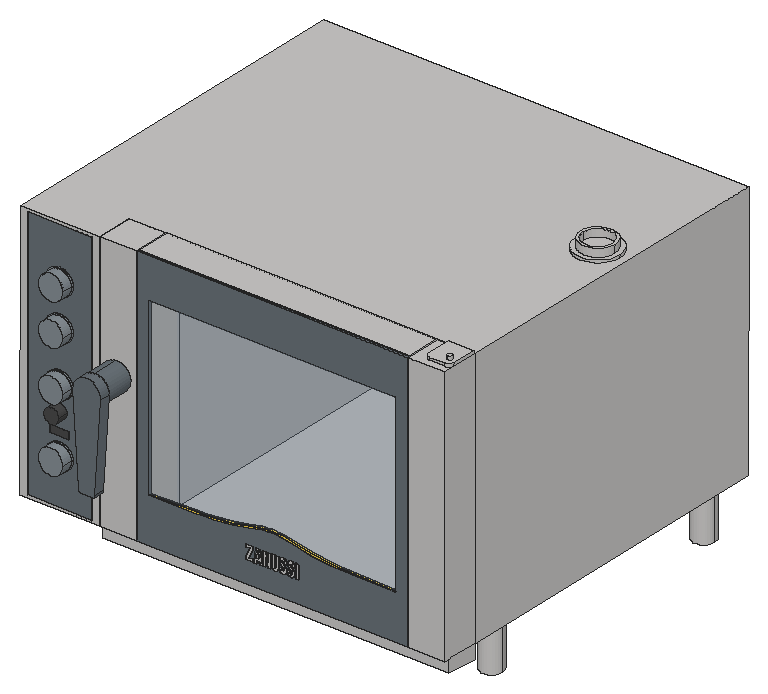
Revit family "QF_ZANUSSI_240450_ZFCE61SSDS", category Specialty Equipment, Revit 2023
Family settings
  Round Connector Dimension = Use Diameter
  Part Type = Normal
  Work Plane-Based = No
  Enable Cutting in Views = No
  Always vertical = Yes
  Cut with Voids When Loaded = No
  Maintain Annotation Orientation = No
  Shared = No
  Room Calculation Point = No
Parameters (values of type "Standard")
  Weight = 79.50 kg
  Watts = 0 W
  Volts = 380 V
  URL Manufacturer = "http://www.zanussiprofessional.com"
  URL = "http://www.zanussiprofessional.com"
  Steam Supply Size = 0 mm
  Steam Supply Minimum Pressure = 0.0 Pa
  Steam Supply Maximum Pressure = 0.0 Pa
  Steam Consumption per Hour = 0
  Show Logo [instance] = yes
  Show Clearance [instance] = yes
  Refrigeration Suction Line Size = 0 mm
  Refrigeration Liquid Line Size = 0 mm
  Refrigerant Compressor Remote = yes
  Default Elevation = 0 mm
  Manufacturer = "Zanussi"
  Phase = 3
  Model = "ZFCE61SSDS"
  Length Actual = 860 mm
  Item Number = "240450"
  Hot Water Size = 0 mm
  Height Actual = 633 mm
  HP = "10.3 HP"
  Gas Size = 12.7 mm
  Gas KW = 0
  Gas Input Pressure = 0.0585289 W
  Direct Waste Size = 25 mm
  Description = "CONVECTION OVEN CW 6 GN 1/1 - ELECTRIC - SMART STEAM"
  Depth Actual = 767 mm
  Cycle = 50 Hz
  Condensate Return Size = 0 mm
  Compressed Air Volume = 0.0 L/s
  Compressed Air Size = 0 mm
  Compressed Air Pressure = 0.0 Pa
  Cold Water Size = 19.05 mm
  Accessory = no
Reference planes
  plane 1 "Center X": y = 96.351
  plane 2: z = 0
  plane 3 "Center Y": x = -330
  plane 4 "LEFT": x = -760
  plane 5 "BACK": y = 479.851
  plane 6 "RIGHT": x = 100
  plane 7 "FRONT": y = -287.149
  plane 8: x = -710
  plane 9 "FeetBack": y = 429.851
  plane 10 "DoorDepth": y = -212.149
  plane 11: x = 80
  plane 12 "BASE": z = 108
  plane 13 "TOP": z = 633
  plane 14: z = 0
  plane 15 "1": y = 173.851
  plane 16 "FeetFront": y = -107.149
  plane 17: z = 653.369
  plane 18: y = -362.149
  plane 19 "Drain_X": x = -323
  plane 20 "Drain_Y": y = 61.851
  plane 21 "EI_x": x = -663
  plane 22 "EI_y": y = 13.851
  plane 23 "CWI_y": y = 304.851
  plane 24 "CWI_x": x = -689
  plane 25: y = -935.149
  plane 26: x = 40
Forms (mm)
  Extrusion 1, solid, material "QF_Finishes_Stainless Steel"
    sketch origin (0, 2, 108) x (-1, 0, 0) y (0, -1, 0)
      loop
        circle (689, -302.851) r 13.25
    from -5 to 0
  Extrusion 2, solid, material "QF_Finishes_Stainless Steel"
    sketch origin (0, 57.5, 108) x (-1, 0, 0) y (0, -1, 0)
      loop
        circle (663, 43.649) r 13.25
    from -5 to 0
  Extrusion 3, solid, material "QF_Finishes_Stainless Steel"
    sketch origin (89, -125, 108) x (-1, 0, 0) y (0, -1, 0)
      loop
        circle (412, -186.851) r 13.25
    from -5 to 0
  Extrusion 4, solid, material "QF_Finishes_Black"
    sketch origin (0, -287.149, 127) x (-1, 0, 0) y (0, 0, 1)
      loop
        circle (680.941, 161.023) r 15
    from 0 to -20
  Extrusion 5, solid, material "QF_Finishes_Stainless Steel"
    sketch origin (15, -153.5, 108) x (-1, 0, 0) y (0, -1, 0)
      loop
        circle (694, -119.351) r 13.25
    from -5 to 0
  Extrusion 6, solid, material "QF_Finishes_Zanussi_Soft Gray"
    sketch origin (0, -287.149, -6) x (-1, 0, 0) y (0, 0, 1)
      loop
        circle (680, 528.824) r 26.676
    from 0 to -3
  Blend 7, solid, material "QF_Finishes_Zanussi_Soft Gray"
    base sketch origin (0, -287.149, -6) x (-1, 0, 0) y (0, 0, 1)
      loop
        circle (680, 528.824) r 25
    top sketch origin (0, -287.149, -6) x (-1, 0, 0) y (0, 0, 1)
      loop
        circle (680, 528.824) r 24.8
    from -3 to -23
  Extrusion 8, solid, material "QF_Finishes_Zanussi_Soft Gray"
    sketch origin (0, -287.149, -5) x (-1, 0, 0) y (0, 0, 1)
      loop
        circle (680, 443.824) r 26.676
    from 0 to -3
  Blend 9, solid, material "QF_Finishes_Zanussi_Soft Gray"
    base sketch origin (0, -287.149, -5) x (-1, 0, 0) y (0, 0, 1)
      loop
        circle (680, 443.824) r 25
    top sketch origin (0, -287.149, -5) x (-1, 0, 0) y (0, 0, 1)
      loop
        circle (680, 443.824) r 24.8
    from -3 to -23
  Extrusion 10, solid, material "QF_Finishes_Zanussi_Soft Gray"
    sketch origin (0, -287.149, -22) x (-1, 0, 0) y (0, 0, 1)
      loop
        circle (680, 358.824) r 26.676
    from 0 to -3
  Blend 11, solid, material "QF_Finishes_Zanussi_Soft Gray"
    base sketch origin (0, -287.149, -22) x (-1, 0, 0) y (0, 0, 1)
      loop
        circle (680, 358.824) r 25
    top sketch origin (0, -287.149, -22) x (-1, 0, 0) y (0, 0, 1)
      loop
        circle (680, 358.824) r 24.8
    from -3 to -23
  Extrusion 12, solid, material "QF_Finishes_Stainless Steel"
    sketch origin (0, 0, 108) x (-1, 0, 0) y (0, -1, 0)
      loop
        line (760, -479.851) -> (760, 287.149) -> (600, 287.149) -> (600, 212.149) -> (-100, 212.149) -> (-100, -479.851) -> (760, -479.851)
    from 525 to 0
  Extrusion 13, solid, material "QF_Finishes_Zanussi_Dark Gray"
    sketch origin (0, -287.149, 0) x (-1, 0, 0) y (0, 0, 1)
      loop
        line (745, 628) -> (615, 628) -> (615, 113) -> (745, 113) -> (745, 628)
      loop
        line (660.941, 258.023) -> (660.941, 243.023) -> (700.941, 243.023) -> (700.941, 258.023) -> (660.941, 258.023)
    from 0 to 5
  Extrusion 14, void
    sketch origin (0, -287.149, 0) x (-1, 0, 0) y (0, 0, 1)
      loop
        line (745, 628) -> (615, 628) -> (615, 113) -> (745, 113) -> (745, 628)
    from 0 to 5
  Extrusion 15, void
    sketch origin (0, -287.149, 0) x (-1, 0, 0) y (0, 0, 1)
      loop
        line (-71.369, 123) -> (525, 123) -> (525, 613) -> (-71.369, 613) -> (-71.369, 123)
    from 737 to 75
  Extrusion 16, solid, material "QF_Finishes_Black"
    sketch origin (0, -287.149, 0) x (-1, 0, 0) y (0, 0, 1)
      loop
        line (700.941, 258.023) -> (660.941, 258.023) -> (660.941, 243.023) -> (700.941, 243.023) -> (700.941, 258.023)
    from 5 to 0
  Extrusion 17, solid, material "QF_Clearances", detail levels coarse
    sketch origin (0, 0, 0) x (1, 0, 0) y (0, 1, 0)
      loop
        line (-810, -287.149) -> (-760, -287.149) -> (-760, 479.851) -> (100, 479.851) -> (100, -287.149) -> (150, -287.149) -> (150, 529.851) -> (-810, 529.851) -> (-810, -287.149)
    from 633 to 0
  Extrusion 18, solid, material "QF_Finishes_Stainless Steel"
    sketch origin (0, 0, 633) x (-1, 0, 0) y (0, -1, 0)
      loop
        circle (-40, -173.851) r 45
    from 5 to 0
  Extrusion 19, solid, material "QF_Finishes_Stainless Steel"
    sketch origin (0, 0, 633) x (-1, 0, 0) y (0, -1, 0)
      loop
        circle (-40, -173.851) r 35
      loop
        circle (-40, -173.851) r 30
    from 5 to 20.369
  Extrusion 20, solid, material "QF_Finishes_Zanussi_Soft Gray"
    sketch origin (0, -287.149, -152) x (-1, 0, 0) y (0, 0, 1)
      loop
        circle (680, 358.824) r 26.676
    from 0 to -3
  Blend 21, solid, material "QF_Finishes_Zanussi_Soft Gray"
    base sketch origin (0, -287.149, -152) x (-1, 0, 0) y (0, 0, 1)
      loop
        circle (680, 358.824) r 25
    top sketch origin (0, -287.149, -152) x (-1, 0, 0) y (0, 0, 1)
      loop
        circle (680, 358.824) r 24.8
    from -3 to -23
Cuts and joins
  Extrusion 14, Extrusion 15 cuts Extrusion 12
Lines and regions (mm)
  symbolic lines
    curve 1: line (-760, -287.149, 1620) -> (-760, 479.851, 1620)
    curve 2: line (-760, 479.851, 1620) -> (100, 479.851, 1620)
    curve 3: line (-600, -212.149, 1620) -> (100, -212.149, 1620)
    curve 4: line (-600, -212.149, 1620) -> (-600, -287.149, 1620)
    curve 5: line (-760, -287.149, 1620) -> (-600, -287.149, 1620)
    curve 6: line (-706.676, -290.149, 1620) -> (-653.324, -290.149, 1620)
    curve 7: line (-706.676, -290.149, 1620) -> (-706.676, -287.149, 1620)
    curve 8: line (-653.324, -290.149, 1620) -> (-653.324, -287.149, 1620)
    curve 9: line (100, 479.851, 1620) -> (100, -287.149, 1620)
    curve 10: line (-704.8, -310.149, 684) -> (-655.2, -310.149, 684)
    curve 11: line (-704.8, -310.149, 684) -> (-705, -290.149, 684)
    curve 12: line (-655.2, -310.149, 684) -> (-655, -290.149, 684)
    curve 18: circle (40, 173.851, 633) r 45 normal (0, 0, 1)
    curve 19: circle (40, 173.851, 633) r 35 normal (0, 0, 1)
    curve 20: circle (40, 173.851, 633) r 30 normal (0, 0, -1)
  symbolic lines, style "QF_Clearances", detail levels coarse
    curve 13: line (-810, -287.149, 0) -> (-810, 529.851, 0)
    curve 14: line (-810, 529.851, 0) -> (150, 529.851, 0)
    curve 15: line (150, 529.851, 0) -> (150, -287.149, 0)
    curve 16: line (150, -287.149, 0) -> (100, -287.149, 0)
    curve 17: line (-810, -287.149, 0) -> (-753.438, -287.149, 0)
Dimensions and locks
  equal spacing: plane 4 "LEFT", plane 3 "Center Y", plane 6 "RIGHT"
  "Length Actual": plane 4 "LEFT" to plane 6 "RIGHT"
  "Depth Actual": plane 5 "BACK" to plane 7 "FRONT"
  equal spacing: plane 5 "BACK", plane 1 "Center X", plane 7 "FRONT"
  plane 12 "BASE" to plane 14 = 108 mm
  plane 13 "TOP" to plane 12 "BASE" = 525 mm
  plane 13 "TOP" to plane 14 = 633 mm
  plane 5 "BACK" to plane 9 "FeetBack" = 50 mm
  plane 9 "FeetBack" to plane 16 "FeetFront" = 537 mm
  locked: plane 16 "FeetFront" to plane 7 "FRONT" at 180
  plane 17 to plane 13 "TOP" to plane 12 "BASE" to level = 20.369 mm, 525 mm, 108 mm
  plane 17 to level = 653.369 mm  (x2)
  plane 7 "FRONT" to plane 18 = 75 mm
  plane 5 "BACK" to plane 20 "Drain_Y" = 418 mm
  plane 4 "LEFT" to plane 19 "Drain_X" = 437 mm
  plane 4 "LEFT" to plane 21 "EI_x" = 97 mm
  plane 5 "BACK" to plane 22 "EI_y" = 466 mm
  plane 5 "BACK" to plane 23 "CWI_y" = 175 mm
  plane 4 "LEFT" to plane 24 "CWI_x" = 71 mm
  plane 5 "BACK" to plane 15 "1" = 306 mm
  plane 5 "BACK" to plane 25 = 1415 mm
  locked: plane 10 "DoorDepth" to plane 7 "FRONT" at 75
  plane 26 to plane 6 "RIGHT" = 60 mm
  aligned and locked: level to plane 2
  aligned and locked: plane 12 "BASE" to nested 1
  aligned and locked: plane 12 "BASE" to nested 2
  aligned and locked: plane 12 "BASE" to nested 4
  aligned and locked: plane 12 "BASE" to nested 3
  aligned and locked: plane 23 "CWI_y" to Extrusion 1
Automatic sketch dimensions
  curve 17 to plane 7 "FRONT" = 0 mm
  curve 16 to plane 6 "RIGHT" = 0 mm
  curve 16 to plane 7 "FRONT" = 0 mm
  curve 13 to plane 4 "LEFT" = 50 mm
  plane 6 "RIGHT" to curve 16 = 50 mm
  plane 5 "BACK" to curve 14 = 50 mm
  plane 4 "LEFT" to curve 17 = 6.562 mm
  curve 9 to plane 5 "BACK" = 0 mm
  curve 9 to plane 6 "RIGHT" = 0 mm
  curve 3 to plane 10 "DoorDepth" = 0 mm
  curve 5 to plane 7 "FRONT" = 0 mm
  curve 5 to plane 4 "LEFT" = 0 mm
  curve 9 to plane 7 "FRONT" = 0 mm
  plane 21 "EI_x" to curve 3 = 63 mm
  curve 6 to plane 7 "FRONT" = 3 mm
  plane 21 "EI_x" to curve 6 = 9.676 mm
  plane 8 to curve 7 = 3.324 mm
  Extrusion 1 sketch curve to plane 23 "CWI_y" = 0 mm
  Extrusion 1 sketch curve to plane 24 "CWI_x" = 0 mm
  Extrusion 2 sketch curve to plane 21 "EI_x" = 0 mm
  Extrusion 2 sketch curve to plane 22 "EI_y" = 0 mm
  Extrusion 3 sketch curve to plane 19 "Drain_X" = 0 mm
  Extrusion 3 sketch curve to plane 20 "Drain_Y" = 0 mm
  plane 24 "CWI_x" to Extrusion 4 sketch curve = 8.059 mm
  plane 12 "BASE" to Extrusion 4 sketch curve = 180.023 mm
  plane 24 "CWI_x" to Extrusion 5 sketch curve = 10 mm
  Extrusion 5 sketch curve to plane 22 "EI_y" = 48 mm
  plane 21 "EI_x" to curve 10 = 7.8 mm
  plane 8 to curve 11 = 5.2 mm
  curve 11 to plane 7 "FRONT" = 23 mm
  curve 12 to plane 7 "FRONT" = 3 mm
  plane 21 "EI_x" to curve 12 = 8 mm
  plane 8 to curve 11 = 5 mm
  curve 11 to plane 7 "FRONT" = 3 mm
  plane 24 "CWI_x" to Extrusion 6 sketch curve = 9 mm
  Extrusion 6 sketch curve to plane 13 "TOP" = 110.176 mm
  plane 24 "CWI_x" to Blend 7 sketch curve = 9 mm  (x2)
  Blend 7 sketch curve to plane 13 "TOP" = 110.176 mm  (x2)
  plane 24 "CWI_x" to Extrusion 8 sketch curve = 9 mm
  Extrusion 8 sketch curve to plane 13 "TOP" = 194.176 mm
  plane 24 "CWI_x" to Blend 9 sketch curve = 9 mm  (x2)
  Blend 9 sketch curve to plane 13 "TOP" = 194.176 mm  (x2)
  plane 24 "CWI_x" to Extrusion 10 sketch curve = 9 mm
  plane 12 "BASE" to Extrusion 10 sketch curve = 228.824 mm
  plane 24 "CWI_x" to Blend 11 sketch curve = 9 mm  (x2)
  plane 12 "BASE" to Blend 11 sketch curve = 228.824 mm  (x2)
  Extrusion 12 sketch curve to plane 5 "BACK" = 0 mm
  Extrusion 12 sketch curve to plane 6 "RIGHT" = 0 mm
  Extrusion 12 sketch curve to plane 10 "DoorDepth" = 0 mm
  Extrusion 12 sketch curve to plane 7 "FRONT" = 0 mm
  Extrusion 12 sketch curve to plane 4 "LEFT" = 0 mm
  plane 21 "EI_x" to Extrusion 12 sketch curve = 63 mm
  Extrusion 13 sketch curve to plane 13 "TOP" = 5 mm
  plane 21 "EI_x" to Extrusion 13 sketch curve = 48 mm
  plane 21 "EI_x" to Extrusion 13 sketch curve = 2.059 mm
  plane 8 to Extrusion 13 sketch curve = 9.059 mm
  plane 4 "LEFT" to Extrusion 13 sketch curve = 15 mm
  plane 12 "BASE" to Extrusion 13 sketch curve = 150.023 mm
  Extrusion 13 sketch curve to Extrusion 13 sketch curve = 15 mm
  plane 12 "BASE" to Extrusion 13 sketch curve = 5 mm
  Extrusion 14 sketch curve to plane 13 "TOP" = 5 mm
  plane 21 "EI_x" to Extrusion 14 sketch curve = 48 mm
  plane 12 "BASE" to Extrusion 14 sketch curve = 5 mm
  plane 4 "LEFT" to Extrusion 14 sketch curve = 15 mm
  Extrusion 15 sketch curve to plane 11 = 8.631 mm
  Extrusion 15 sketch curve to plane 13 "TOP" = 20 mm
  plane 21 "EI_x" to Extrusion 15 sketch curve = 138 mm
  plane 12 "BASE" to Extrusion 15 sketch curve = 15 mm
  plane 21 "EI_x" to Extrusion 16 sketch curve = 2.059 mm
  plane 8 to Extrusion 16 sketch curve = 9.059 mm
  plane 12 "BASE" to Extrusion 16 sketch curve = 135.023 mm
  Extrusion 16 sketch curve to Extrusion 16 sketch curve = 15 mm
  Extrusion 17 sketch curve to plane 7 "FRONT" = 0 mm  (x2)
  Extrusion 17 sketch curve to plane 4 "LEFT" = 0 mm
  Extrusion 17 sketch curve to plane 5 "BACK" = 0 mm
  Extrusion 17 sketch curve to plane 6 "RIGHT" = 0 mm
  Extrusion 17 sketch curve to Extrusion 17 sketch curve = 50 mm
  plane 6 "RIGHT" to Extrusion 17 sketch curve = 50 mm
  plane 5 "BACK" to Extrusion 17 sketch curve = 50 mm
  Extrusion 18 sketch curve to plane 15 "1" = 0 mm
  Extrusion 18 sketch curve to plane 26 = 0 mm
  Extrusion 19 sketch curve to Extrusion 19 sketch curve = 0 mm  (x2)
  Extrusion 19 sketch curve to plane 15 "1" = 0 mm
  Extrusion 19 sketch curve to plane 26 = 0 mm
  plane 24 "CWI_x" to Extrusion 20 sketch curve = 9 mm
  plane 12 "BASE" to Extrusion 20 sketch curve = 98.824 mm
  plane 24 "CWI_x" to Blend 21 sketch curve = 9 mm  (x2)
  plane 12 "BASE" to Blend 21 sketch curve = 98.824 mm  (x2)
  radius of Extrusion 1 sketch curve = 13.25 mm
  radius of Extrusion 2 sketch curve = 13.25 mm
  radius of Extrusion 3 sketch curve = 13.25 mm
  radius of Extrusion 4 sketch curve = 15 mm
  radius of Extrusion 5 sketch curve = 13.25 mm
  radius of Extrusion 6 sketch curve = 26.676 mm
  radius of Blend 7 sketch curve = 25 mm
  radius of Blend 7 sketch curve = 24.8 mm
  radius of Extrusion 8 sketch curve = 26.676 mm
  radius of Blend 9 sketch curve = 25 mm
  radius of Blend 9 sketch curve = 24.8 mm
  radius of Extrusion 10 sketch curve = 26.676 mm
  radius of Blend 11 sketch curve = 25 mm
  radius of Blend 11 sketch curve = 24.8 mm
  radius of Extrusion 18 sketch curve = 45 mm
  radius of Extrusion 19 sketch curve = 35 mm
  radius of Extrusion 19 sketch curve = 30 mm
  radius of Extrusion 20 sketch curve = 26.676 mm
  radius of Blend 21 sketch curve = 25 mm
  radius of Blend 21 sketch curve = 24.8 mm
Nested families
  nested 1: "Foot" at (-710, -107.149, 0), type "Foot"
    with Ø 22 mm, H 108 mm
  nested 2: "Foot" at (50, -107.149, 0), type "Foot"
    with Ø 22 mm, H 108 mm
  nested 3: "Foot" at (50, 429.851, 0), type "Foot"
    with Ø 22 mm, H 108 mm
  nested 4: "Foot" at (-710, 429.851, 0), type "Foot"
    with Ø 22 mm, H 108 mm
  nested 5: "ZAN_DOOR_CROSSWISE_H525" at (100, -215.149, 0), type "ZAN_DOOR_CROSSWISE_H525"
    with Show Clearance yes
Connectors
  piping at (-323, 61.851, 103), diameter 25, driven by "Direct Waste Size"
    settings: on Extrusion 3, index 6, connector inside diameter 609.6 mm, connector length 0 mm, flow factor 0, pipe flow 0.0 L/s, pressure drop 0.0 Pa, fitting loss kfactor 0, connector angle 0.00°, fixture units 0, engagement length 0 mm, angle of deflection 0.00°, flow configuration 0, flow direction 2, fitting loss method 0, system type 16, joint type 0, gender type 0, connector reference index -1, connector utility 0, adjustable connector no, is connector primary yes, connector description "Drain"
  electrical at (-663, 13.851, 103)
    settings: on Extrusion 2, index 7, voltage 0 V, apparent load 0 VA, apparent load phase1 0 VA, apparent load phase2 0 VA, apparent load phase3 0 VA, power factor 1, load classification "Altro", number of poles 1, system type 30, power factor state 1, is connector primary yes, connector utility no, sub classification motor no, connector description "Electrical Connection"
  piping at (-689, 304.851, 103), diameter 19.05, driven by "Cold Water Size"
    settings: on Extrusion 1, index 8, connector inside diameter 609.6 mm, connector length 0 mm, flow factor 0, pipe flow 0.0 L/s, pressure drop 0.0 Pa, fitting loss kfactor 0, connector angle 0.00°, fixture units 0, engagement length 0 mm, angle of deflection 0.00°, flow configuration 0, flow direction 2, fitting loss method 0, system type 20, joint type 0, gender type 0, connector reference index -1, connector utility 0, adjustable connector no, is connector primary no, connector description "Cold Water Inlet"
Definition of nested family "Foot"
  Parameters
    Ø [instance] = 20 mm
    Default Elevation = 0 mm
    H [instance] = 50 mm
  Reference planes
    plane 1 "Centro (Fronte/Retro)": y = 0
    plane 2: z = 0
    plane 3 "Centro (Sinistra/Destra)": x = 0
    plane 4: z = 50
  Forms (mm)
    Revolve 1, solid
      sketch origin (255.05, 0, 608.09) x (0, 0, 1) y (-1, 0, 0)
        loop
          line (-608.09, 255.05) -> (-608.09, 235.05) -> (-558.09, 235.05) -> (-558.09, 255.05) -> (-608.09, 255.05)
        axis (-608.09, 255.05) -> (-558.09, 255.05)
      angle from 0 to 360
  Dimensions and locks
    "H": plane 4 to plane 2
    "Ø": Revolve 1 sketch curve to Revolve 1 sketch curve
    aligned and locked: level to plane 2
    aligned and locked: plane 4 to Revolve 1 sketch curve
    aligned and locked: Revolve 1 sketch curve to level
    aligned and locked: plane 3 "Centro (Sinistra/Destra)" to Revolve 1 sketch curve
  Automatic sketch dimensions
    Revolve 1 sketch curve to plane 3 "Centro (Sinistra/Destra)" = 0 mm
    Revolve 1 sketch curve to Revolve 1 sketch curve = 50 mm
    Revolve 1 sketch curve to Revolve 1 sketch curve = 20 mm
Definition of nested family "ZAN_DOOR_CROSSWISE_H525"
  Parameters (values of type "ZAN_DOOR_CROSSWISE_H525")
    sp_Lama = 5 mm
    Z_Maniglia = 285 mm
    W_Door = 700 mm
    Show Clearance [instance] = yes
    Default Elevation = 0 mm
    H_Feet = 108 mm
    H_FasciaTop = 75 mm
    H_Door = 525 mm
    W_fasce = 75 mm
    Direct Waste Size = 25 mm
  Reference planes
    plane 1 "Center (Front/Back)": y = 3
    plane 2: z = 0
    plane 3 "Center (Left/Right)": x = 0
    plane 4 "Top": z = 633
    plane 5 "Feet": z = 108
    plane 6 "Front": y = -72
    plane 7: z = 628
    plane 8: z = 553
    plane 9: x = -600
    plane 10: x = -75
    plane 11: x = -700
    plane 12: x = -625
    plane 13: x = -100
    plane 14: x = -624
    plane 15: x = -76
    plane 16: z = 132
    plane 17: z = 393
    plane 18: x = -665
  Forms (mm)
    Extrusion 1, solid
      sketch origin (0, -72, 0) x (0, 0, -1) y (-1, 0, 0)
        loop
          line (-633, 700) -> (-633, 625) -> (-108, 625) -> (-108, 700) -> (-633, 700)
        loop
          line (-633, 0) -> (-108, 0) -> (-108, 75) -> (-633, 75) -> (-633, 0)
      from 0 to 75
    Extrusion 2, solid
      sketch origin (0, -72, 0) x (0, 0, -1) y (-1, 0, 0)
        loop
          line (-199.529, 600) -> (-553, 600) -> (-553, 100) -> (-199.529, 100) -> (-199.529, 176.502) -> (-199.716, 190.941) -> (-200.068, 211.042)
          arc (-200.068, 211.042) -> (-200.373, 221.113) -> (-200.944, 231.172) r 381.251
          arc (-200.944, 231.172) -> (-202.69, 251.25) -> (-205.394, 271.221) r 421.149
          arc (-205.394, 271.221) -> (-208.274, 287.092) -> (-211.548, 302.885) r 647.683
          arc (-211.548, 302.885) -> (-214.401, 316.603) -> (-216.93, 330.384) r 593.178
          arc (-216.93, 330.384) -> (-217.581, 335.587) -> (-218.06, 340.808) r 159.42
          arc (-218.06, 340.808) -> (-218.307, 345.507) -> (-218.401, 350.211) r 143.741
          arc (-218.401, 350.211) -> (-218.306, 354.916) -> (-218.057, 359.615) r 143.741
          arc (-218.057, 359.615) -> (-217.576, 364.836) -> (-216.923, 370.039) r 159.42
          arc (-216.923, 370.039) -> (-214.399, 383.796) -> (-211.55, 397.489) r 593.18
          arc (-211.55, 397.489) -> (-208.278, 413.271) -> (-205.4, 429.129) r 647.681
          arc (-205.4, 429.129) -> (-202.709, 448.969) -> (-200.965, 468.913) r 421.147
          arc (-200.965, 468.913) -> (-200.379, 479.117) -> (-200.068, 489.332) r 381.251
          line (-200.068, 489.332) -> (-199.716, 509.433) -> (-199.529, 523.872) -> (-199.529, 600)
        loop
          line (-108, 76) -> (-108, 624) -> (-633, 624) -> (-633, 76) -> (-108, 76)
      from 0 to 5
    Extrusion 3, void
      sketch origin (-100, -72, 0) x (-1, 0, 0) y (0, 0, 1)
        loop
          line (288.603, 151.973) -> (303.509, 151.973) -> (303.509, 157.706) -> (295.318, 174.905) -> (302.853, 174.741) -> (302.853, 179.982) -> (288.603, 179.982) -> (288.603, 175.232) -> (297.201, 157.706) -> (288.603, 157.706) -> (288.603, 151.973)
        loop
          line (280.375, 162.456) -> (278.737, 175.195) -> (277.1, 162.456) -> (280.375, 162.456)
        loop
          line (281.849, 151.973) -> (287.746, 151.973) -> (282.669, 179.982) -> (274.806, 179.982) -> (269.565, 151.973) -> (275.461, 151.973) -> (276.281, 157.378) -> (281.031, 157.378) -> (281.849, 151.973)
        loop
          line (268.839, 179.982) -> (262.778, 179.982) -> (258.028, 162.128) -> (258.028, 179.982) -> (252.786, 179.982) -> (252.786, 151.973) -> (259.011, 151.973) -> (263.761, 170.482) -> (263.761, 151.973) -> (268.839, 151.973) -> (268.839, 179.982)
        loop
          line (251.476, 158.9) -> (251.476, 179.982) -> (245.743, 179.982) -> (245.743, 158.689)
          arc (245.743, 158.689) -> (243.81, 157.443) -> (242.303, 159.18) r 1.755
          line (242.303, 159.18) -> (242.303, 179.982) -> (236.57, 179.982) -> (236.57, 157.87)
          arc (236.57, 157.87) -> (244.469, 151.928) -> (251.476, 158.9) r 7.548
        loop
          line (225.923, 171.137) -> (225.923, 174.183)
          arc (225.923, 174.183) -> (228.232, 175.801) -> (229.849, 173.492) r 1.993
          arc (229.849, 173.492) -> (229.394, 172.205) -> (228.544, 171.137) r 4.132
          line (228.544, 171.137) -> (222.261, 165.482)
          arc (222.261, 165.482) -> (220.244, 161.234) -> (220.358, 156.532) r 10.152
          arc (220.358, 156.532) -> (226.648, 151.979) -> (234.116, 154.106) r 8.889
          arc (234.116, 154.106) -> (235.696, 157.791) -> (235.751, 161.801) r 10.311
          line (235.751, 161.801) -> (230.033, 161.801)
          arc (230.033, 161.801) -> (230.009, 161.099) -> (230.033, 160.396) r 10.165
          arc (230.033, 160.396) -> (230.059, 159.653) -> (230.033, 158.91) r 10.759
          arc (230.033, 158.91) -> (229.7, 157.855) -> (228.922, 157.068) r 2.359
          arc (228.922, 157.068) -> (226.339, 157.656) -> (226.065, 160.291) r 2.275
          arc (226.065, 160.291) -> (227.174, 161.799) -> (228.6, 163.01) r 8.056
          line (228.6, 163.01) -> (231.016, 165.151)
          arc (231.016, 165.151) -> (233.167, 167.4) -> (234.919, 169.972) r 18.895
          arc (234.919, 169.972) -> (235.183, 174.623) -> (233.05, 178.765) r 8.857
          arc (233.05, 178.765) -> (227.818, 180.471) -> (222.586, 178.765) r 8.876
          arc (222.586, 178.765) -> (220.806, 176.522) -> (220.429, 173.684) r 5.378
          line (220.429, 173.684) -> (220.518, 171.137) -> (225.923, 171.137)
        loop
          line (209.587, 171.137) -> (209.587, 174.183)
          arc (209.587, 174.183) -> (211.896, 175.801) -> (213.513, 173.492) r 1.993
          arc (213.513, 173.492) -> (213.058, 172.205) -> (212.208, 171.137) r 4.132
          line (212.208, 171.137) -> (205.924, 165.482)
          arc (205.924, 165.482) -> (203.908, 161.234) -> (204.022, 156.532) r 10.152
          arc (204.022, 156.532) -> (210.312, 151.979) -> (217.779, 154.106) r 8.889
          arc (217.779, 154.106) -> (219.36, 157.791) -> (219.415, 161.801) r 10.311
          line (219.415, 161.801) -> (213.696, 161.801)
          arc (213.696, 161.801) -> (213.672, 161.099) -> (213.696, 160.396) r 10.165
          arc (213.696, 160.396) -> (213.722, 159.653) -> (213.696, 158.91) r 10.759
          arc (213.696, 158.91) -> (213.363, 157.855) -> (212.586, 157.068) r 2.359
          arc (212.586, 157.068) -> (210.003, 157.656) -> (209.729, 160.291) r 2.275
          arc (209.729, 160.291) -> (210.837, 161.799) -> (212.264, 163.01) r 8.056
          line (212.264, 163.01) -> (214.679, 165.151)
          arc (214.679, 165.151) -> (216.83, 167.4) -> (218.583, 169.972) r 18.895
          arc (218.583, 169.972) -> (218.847, 174.623) -> (216.714, 178.765) r 8.857
          arc (216.714, 178.765) -> (211.482, 180.471) -> (206.25, 178.765) r 8.876
          arc (206.25, 178.765) -> (204.469, 176.522) -> (204.093, 173.684) r 5.378
          line (204.093, 173.684) -> (204.182, 171.137) -> (209.587, 171.137)
        loop
          line (202.992, 179.982) -> (197.259, 179.982) -> (197.259, 151.973) -> (202.992, 151.973) -> (202.992, 179.982)
      from 0 to 2
    Extrusion 4, solid
      sketch origin (0, -72, 0) x (0, 0, -1) y (-1, 0, 0)
        loop
          line (-202.139, 509.481) -> (-202.564, 489.393)
          arc (-202.564, 489.393) -> (-202.899, 479.36) -> (-203.486, 469.339) r 398.755
          arc (-203.486, 469.339) -> (-205.267, 449.395) -> (-208.001, 429.558) r 418.492
          arc (-208.001, 429.558) -> (-210.747, 414.666) -> (-213.78, 399.829) r 786.502
          arc (-213.78, 399.829) -> (-217.005, 385.332) -> (-219.595, 370.709) r 340.705
          arc (-219.595, 370.709) -> (-220.306, 365.406) -> (-220.802, 360.079) r 132.002
          arc (-220.802, 360.079) -> (-221.067, 355.145) -> (-221.148, 350.205) r 132.002
          arc (-221.148, 350.205) -> (-221.068, 345.264) -> (-220.804, 340.33) r 132.002
          arc (-220.804, 340.33) -> (-220.308, 334.985) -> (-219.595, 329.665) r 132.002
          arc (-219.595, 329.665) -> (-217.005, 315.042) -> (-213.78, 300.546) r 340.705
          arc (-213.78, 300.546) -> (-210.745, 285.697) -> (-207.996, 270.792) r 786.502
          arc (-207.996, 270.792) -> (-205.264, 250.951) -> (-203.484, 231.002) r 418.492
          arc (-203.484, 231.002) -> (-202.898, 220.998) -> (-202.564, 210.981) r 398.755
          line (-202.564, 210.981) -> (-202.139, 190.893) -> (-199.529, 100) -> (-199.529, 176.502) -> (-199.716, 190.941) -> (-200.068, 211.042)
          arc (-200.068, 211.042) -> (-200.373, 221.113) -> (-200.944, 231.172) r 381.251
          arc (-200.944, 231.172) -> (-202.69, 251.25) -> (-205.394, 271.221) r 421.149
          arc (-205.394, 271.221) -> (-208.274, 287.092) -> (-211.548, 302.885) r 647.683
          arc (-211.548, 302.885) -> (-214.401, 316.599) -> (-216.929, 330.377) r 593.178
          arc (-216.929, 330.377) -> (-217.58, 335.58) -> (-218.059, 340.801) r 159.419
          arc (-218.059, 340.801) -> (-218.307, 345.5) -> (-218.401, 350.205) r 143.741
          arc (-218.401, 350.205) -> (-218.306, 354.909) -> (-218.057, 359.608) r 143.741
          arc (-218.057, 359.608) -> (-217.578, 364.812) -> (-216.929, 369.997) r 159.42
          arc (-216.929, 369.997) -> (-214.401, 383.775) -> (-211.549, 397.489) r 593.179
          arc (-211.549, 397.489) -> (-208.277, 413.271) -> (-205.398, 429.129) r 647.683
          arc (-205.398, 429.129) -> (-202.696, 449.074) -> (-200.95, 469.125) r 421.148
          arc (-200.95, 469.125) -> (-200.375, 479.223) -> (-200.068, 489.332) r 381.251
          line (-200.068, 489.332) -> (-199.716, 509.433) -> (-199.529, 523.872) -> (-199.529, 600.013) -> (-202.139, 509.481)
      from 0 to 5
    Extrusion 5, solid
      sketch origin (0, -72, 0) x (0, 0, -1) y (-1, 0, 0)
        loop
          line (-151.973, 388.603) -> (-151.973, 403.509) -> (-157.706, 403.509) -> (-174.905, 395.318) -> (-174.741, 402.853) -> (-179.982, 402.853) -> (-179.982, 388.603) -> (-175.232, 388.603) -> (-157.706, 397.201) -> (-157.706, 388.603) -> (-151.973, 388.603)
        loop
          line (-162.456, 380.375) -> (-175.195, 378.737) -> (-162.456, 377.1) -> (-162.456, 380.375)
        loop
          line (-151.973, 381.849) -> (-151.973, 387.746) -> (-179.982, 382.669) -> (-179.982, 374.806) -> (-151.973, 369.565) -> (-151.973, 375.461) -> (-157.378, 376.281) -> (-157.378, 381.031) -> (-151.973, 381.849)
        loop
          line (-179.982, 368.839) -> (-179.982, 362.778) -> (-162.128, 358.028) -> (-179.982, 358.028) -> (-179.982, 352.786) -> (-151.973, 352.786) -> (-151.973, 359.011) -> (-170.482, 363.761) -> (-151.973, 363.761) -> (-151.973, 368.839) -> (-179.982, 368.839)
        loop
          line (-158.9, 351.476) -> (-179.982, 351.476) -> (-179.982, 345.743) -> (-158.689, 345.743)
          arc (-158.689, 345.743) -> (-157.443, 343.81) -> (-159.18, 342.303) r 1.755
          line (-159.18, 342.303) -> (-179.982, 342.303) -> (-179.982, 336.57) -> (-157.87, 336.57)
          arc (-157.87, 336.57) -> (-151.928, 344.469) -> (-158.9, 351.476) r 7.548
        loop
          line (-171.137, 325.923) -> (-174.183, 325.923)
          arc (-174.183, 325.923) -> (-175.801, 328.232) -> (-173.492, 329.849) r 1.993
          arc (-173.492, 329.849) -> (-172.205, 329.394) -> (-171.137, 328.544) r 4.132
          line (-171.137, 328.544) -> (-165.482, 322.261)
          arc (-165.482, 322.261) -> (-161.234, 320.244) -> (-156.532, 320.358) r 10.152
          arc (-156.532, 320.358) -> (-151.979, 326.648) -> (-154.106, 334.116) r 8.889
          arc (-154.106, 334.116) -> (-157.791, 335.696) -> (-161.801, 335.751) r 10.311
          line (-161.801, 335.751) -> (-161.801, 330.033)
          arc (-161.801, 330.033) -> (-161.099, 330.009) -> (-160.396, 330.033) r 10.165
          arc (-160.396, 330.033) -> (-159.653, 330.059) -> (-158.91, 330.033) r 10.759
          arc (-158.91, 330.033) -> (-157.855, 329.7) -> (-157.068, 328.922) r 2.359
          arc (-157.068, 328.922) -> (-157.656, 326.339) -> (-160.291, 326.065) r 2.275
          arc (-160.291, 326.065) -> (-161.799, 327.174) -> (-163.01, 328.6) r 8.056
          line (-163.01, 328.6) -> (-165.151, 331.016)
          arc (-165.151, 331.016) -> (-167.4, 333.167) -> (-169.972, 334.919) r 18.895
          arc (-169.972, 334.919) -> (-174.623, 335.183) -> (-178.765, 333.05) r 8.857
          arc (-178.765, 333.05) -> (-180.471, 327.818) -> (-178.765, 322.586) r 8.876
          arc (-178.765, 322.586) -> (-176.522, 320.806) -> (-173.684, 320.429) r 5.378
          line (-173.684, 320.429) -> (-171.137, 320.518) -> (-171.137, 325.923)
        loop
          line (-171.137, 309.587) -> (-174.183, 309.587)
          arc (-174.183, 309.587) -> (-175.801, 311.896) -> (-173.492, 313.513) r 1.993
          arc (-173.492, 313.513) -> (-172.205, 313.058) -> (-171.137, 312.208) r 4.132
          line (-171.137, 312.208) -> (-165.482, 305.924)
          arc (-165.482, 305.924) -> (-161.234, 303.908) -> (-156.532, 304.022) r 10.152
          arc (-156.532, 304.022) -> (-151.979, 310.312) -> (-154.106, 317.779) r 8.889
          arc (-154.106, 317.779) -> (-157.791, 319.36) -> (-161.801, 319.415) r 10.311
          line (-161.801, 319.415) -> (-161.801, 313.696)
          arc (-161.801, 313.696) -> (-161.099, 313.672) -> (-160.396, 313.696) r 10.165
          arc (-160.396, 313.696) -> (-159.653, 313.722) -> (-158.91, 313.696) r 10.759
          arc (-158.91, 313.696) -> (-157.855, 313.363) -> (-157.068, 312.586) r 2.359
          arc (-157.068, 312.586) -> (-157.656, 310.003) -> (-160.291, 309.729) r 2.275
          arc (-160.291, 309.729) -> (-161.799, 310.837) -> (-163.01, 312.264) r 8.056
          line (-163.01, 312.264) -> (-165.151, 314.679)
          arc (-165.151, 314.679) -> (-167.4, 316.83) -> (-169.972, 318.583) r 18.895
          arc (-169.972, 318.583) -> (-174.623, 318.847) -> (-178.765, 316.714) r 8.857
          arc (-178.765, 316.714) -> (-180.471, 311.482) -> (-178.765, 306.25) r 8.876
          arc (-178.765, 306.25) -> (-176.522, 304.469) -> (-173.684, 304.093) r 5.378
          line (-173.684, 304.093) -> (-171.137, 304.182) -> (-171.137, 309.587)
        loop
          line (-179.982, 302.992) -> (-179.982, 297.259) -> (-151.973, 297.259) -> (-151.973, 302.992) -> (-179.982, 302.992)
      from 0 to 2
    Extrusion 6, solid
      sketch origin (0, -72, 0) x (0, 0, -1) y (-1, 0, 0)
        loop
          line (-628, 624) -> (-628, 600) -> (-132, 600) -> (-132, 100) -> (-628, 100) -> (-628, 76) -> (-108, 76) -> (-108, 624) -> (-628, 624)
      from 5 to 75
    Extrusion 7, solid
      sketch origin (0, -72, 0) x (0, 0, -1) y (-1, 0, 0)
        loop
          line (-553, 600) -> (-553, 100) -> (-199.519, 100) -> (-202.139, 190.893) -> (-202.564, 210.981)
          arc (-202.564, 210.981) -> (-202.898, 220.998) -> (-203.484, 231.002) r 398.755
          arc (-203.484, 231.002) -> (-205.264, 250.951) -> (-207.996, 270.792) r 418.492
          arc (-207.996, 270.792) -> (-210.742, 285.684) -> (-213.774, 300.521) r 786.502
          arc (-213.774, 300.521) -> (-217.003, 315.03) -> (-219.596, 329.665) r 340.706
          arc (-219.596, 329.665) -> (-220.309, 334.985) -> (-220.805, 340.33) r 132.003
          arc (-220.805, 340.33) -> (-221.069, 345.264) -> (-221.148, 350.205) r 132.003
          arc (-221.148, 350.205) -> (-221.068, 355.145) -> (-220.802, 360.079) r 132.003
          arc (-220.802, 360.079) -> (-220.307, 365.406) -> (-219.596, 370.709) r 132.003
          arc (-219.596, 370.709) -> (-217.005, 385.336) -> (-213.779, 399.836) r 340.706
          arc (-213.779, 399.836) -> (-210.746, 414.673) -> (-208, 429.565) r 786.502
          arc (-208, 429.565) -> (-205.272, 449.36) -> (-203.491, 469.263) r 418.492
          arc (-203.491, 469.263) -> (-202.901, 479.322) -> (-202.564, 489.393) r 398.755
          line (-202.564, 489.393) -> (-202.139, 509.481) -> (-199.529, 600) -> (-553, 600)
      from 0 to 5
    Extrusion 8, solid
      sketch origin (0, -72, 0) x (0, 0, -1) y (-1, 0, 0)
        loop
          line (-628, 600) -> (-628, 100) -> (-132, 100) -> (-132, 600) -> (-628, 600)
      from 75 to 70
    Extrusion 9, solid
      sketch origin (0, -72, 0) x (0, 0, -1) y (-1, 0, 0)
        loop
          line (-628, 624) -> (-633, 624) -> (-633, 76) -> (-628, 76) -> (-628, 624)
      from 5 to 75
    Extrusion 10, solid
      sketch origin (-100, -72, -17) x (-1, 0, 0) y (0, 0, 1)
        loop
          arc (548.194, 231.003) -> (549.77, 227.69) -> (553.183, 226.345) r 5
          line (553.183, 226.345) -> (576.817, 226.345)
          arc (576.817, 226.345) -> (580.24, 227.7) -> (581.808, 231.032) r 5
          line (581.808, 231.032) -> (592.999, 410.21)
          arc (592.999, 410.21) -> (564.012, 437.983) -> (537.056, 408.235) r 28
          line (537.056, 408.235) -> (548.194, 231.003)
      from -55 to -75
    Extrusion 11, solid
      sketch origin (0, -72, 0) x (0, 0, -1) y (-1, 0, 0)
        loop
          circle (-393, 665) r 28
      from 0 to -55
    Extrusion 12, solid
      sketch origin (0, 0, 0) x (0, 1, 0) y (0, 0, 1)
        loop
          line (-62, 108) -> (-62, 83) -> (3, 78.455) -> (3, 108) -> (-62, 108)
      from -700 to 0
    Extrusion 13, solid
      sketch origin (0, 0, 633) x (0, -1, 0) y (1, 0, 0)
        loop
          circle (38.919, -17.1) r 5
      from 10 to 5
    Extrusion 14, solid
      sketch origin (0, 0, 633) x (0, -1, 0) y (1, 0, 0)
        loop
          line (-3, -52.67) -> (47, -52.67)
          arc (47, -52.67) -> (54.071, -49.741) -> (57, -42.67) r 10
          line (57, -42.67) -> (57, -12.67)
          arc (57, -12.67) -> (54.071, -5.598) -> (47, -2.67) r 10
          line (47, -2.67) -> (-3, -2.67) -> (-3, -52.67)
      from 5 to 0
    Extrusion 15, solid, detail levels coarse
      sketch origin (-100, 215.149, 0) x (1, 0, 0) y (0, 1, 0)
        loop
          arc (-600, -287.149) -> (-387.996, -760.219) -> (100, -935.149) r 661.477
          line (100, -935.149) -> (100, -287.149) -> (-600, -287.149)
      from 633 to 108
  Cuts and joins
    Extrusion 3 cuts Extrusion 2
  Lines and regions (mm)
    symbolic lines
      curve 1: line (-687.299, -127, 0) -> (-631.299, -127, 0)
      curve 2: line (-687.299, -147, 0) -> (-687.299, -72, 0)
      curve 3: line (-631.299, -147, 0) -> (-687.299, -147, 0)
      curve 4: line (-631.299, -72, 0) -> (-631.299, -147, 0)
      curve 5: line (-700, 3, 0) -> (0, 3, 0)
      curve 6: line (-700, -72, 0) -> (-700, 3, 0)
      curve 7: line (0, -72, 0) -> (-700, -72, 0)
      curve 8: line (0, 3, 0) -> (0, -72, 0)
      curve 9: line (-625, -72, 0) -> (-625, 3, 0)
      curve 10: line (-75, -72, 0) -> (-75, 3, 0)
      curve 11: arc (-52.67, -47, 0) -> (-49.741, -54.071, 0) -> (-42.67, -57, 0) r 10
      curve 12: line (-42.67, -57, 0) -> (-12.67, -57, 0)
      curve 13: arc (-12.67, -57, 0) -> (-5.598, -54.071, 0) -> (-2.67, -47, 0) r 10
      curve 14: line (-2.67, -47, 0) -> (-2.67, 3, 0)
      curve 15: line (-52.67, 3, 0) -> (-52.67, -47, 0)
      curve 16: circle (-17.1, -38.919, 0) r 5 normal (0, 0, 1)
      curve 17: arc (-700, -72, 0) -> (-487.996, -545.069, 0) -> (0, -720, 0) r 661.477
      curve 18: line (0, -720, 0) -> (0, -72, 0)
  Dimensions and locks
    plane 1 "Center (Front/Back)" to plane 6 "Front" = 75 mm
    "H_Feet": plane 5 "Feet" to level
    "H_Door": plane 4 "Top" to plane 5 "Feet"
    "sp_Lama": plane 4 "Top" to plane 7
    "H_FasciaTop": plane 7 to plane 8
    "W_fasce": plane 11 to plane 12
    "W_fasce": plane 3 "Center (Left/Right)" to plane 10
    locked: plane 14 to plane 12 at 1
    plane 15 to plane 10 = 1 mm
    locked: plane 9 to plane 14 at 24
    locked: plane 15 to plane 13 at 24
    locked: plane 16 to plane 5 "Feet" at 24
    "Z_Maniglia": plane 17 to plane 5 "Feet"
    locked: plane 11 to plane 18 at 35
    "W_Door": plane 11 to plane 3 "Center (Left/Right)"
    aligned and locked: level to plane 2
    aligned and locked: Extrusion 9 to plane 7
    aligned and locked: plane 7 to Extrusion 8
    aligned and locked: plane 7 to Extrusion 6  (x2)
    aligned and locked: Extrusion 1 to plane 4 "Top"  (x2)
    aligned and locked: Extrusion 15 to plane 4 "Top"
    aligned and locked: Extrusion 9 to plane 4 "Top"
    aligned and locked: cut or joined group of Extrusion 2, Extrusion 3 to plane 4 "Top"
    aligned and locked: cut or joined group of Extrusion 2, Extrusion 3 to plane 8
    aligned and locked: plane 8 to Extrusion 7
    aligned and locked: plane 5 "Feet" to Extrusion 6
    aligned and locked: plane 5 "Feet" to Extrusion 15
    aligned and locked: plane 5 "Feet" to Extrusion 1  (x2)
    aligned and locked: plane 5 "Feet" to cut or joined group of Extrusion 2, Extrusion 3
    aligned and locked: Extrusion 6 to plane 14
    aligned and locked: plane 9 to Extrusion 6
    aligned and locked: plane 15 to Extrusion 6
    aligned and locked: plane 13 to Extrusion 6
    aligned and locked: plane 11 to Extrusion 1
    aligned and locked: plane 3 "Center (Left/Right)" to Extrusion 1
    aligned and locked: plane 12 to Extrusion 1
    aligned and locked: plane 10 to Extrusion 1
    aligned and locked: plane 16 to Extrusion 6
    aligned and locked: Extrusion 8 to plane 16
    aligned and locked: plane 3 "Center (Left/Right)" to Extrusion 12
    aligned and locked: plane 9 to cut or joined group of Extrusion 2, Extrusion 3
    aligned and locked: plane 13 to cut or joined group of Extrusion 2, Extrusion 3
    aligned and locked: plane 11 to Extrusion 12
  Automatic sketch dimensions
    curve 7 to plane 6 "Front" = 0 mm
    plane 1 "Center (Front/Back)" to curve 6 = 0 mm
    curve 8 to plane 3 "Center (Left/Right)" = 0 mm
    curve 14 to plane 3 "Center (Left/Right)" = 2.67 mm
    curve 12 to plane 3 "Center (Left/Right)" = 12.67 mm
    curve 16 to curve 13 = 4.431 mm
    plane 6 "Front" to curve 17 = 12.348 mm
    curve 17 to curve 13 = 25.969 mm
    curve 12 to curve 17 = 4.031 mm
    curve 15 to curve 11 = 10 mm
    curve 4 to plane 6 "Front" = 75 mm
    curve 4 to curve 15 = 578.629 mm
    curve 2 to curve 3 = 56 mm
    curve 5 to curve 2 = 12.701 mm
    plane 6 "Front" to curve 12 = 15 mm
    curve 13 to curve 16 = 8.081 mm
    curve 10 to curve 15 = 22.33 mm
    curve 4 to curve 9 = 6.299 mm
    curve 3 to curve 1 = 20 mm
    Extrusion 3 sketch curve to plane 5 "Feet" = 71.982 mm  (x3)
    Extrusion 3 sketch curve to plane 3 "Center (Left/Right)" = 297.259 mm
    Extrusion 3 sketch curve to Extrusion 3 sketch curve = 4.888 mm
    Extrusion 3 sketch curve to Extrusion 3 sketch curve = 5.704 mm
    Extrusion 3 sketch curve to Extrusion 3 sketch curve = 0.845 mm
    Extrusion 3 sketch curve to plane 5 "Feet" = 65.684 mm  (x2)
    Extrusion 3 sketch curve to Extrusion 3 sketch curve = 1.947 mm  (x2)
    Extrusion 3 sketch curve to plane 5 "Feet" = 63.137 mm  (x4)
    Extrusion 3 sketch curve to Extrusion 3 sketch curve = 0.089 mm  (x2)
    Extrusion 3 sketch curve to plane 5 "Feet" = 57.482 mm  (x2)
    Extrusion 3 sketch curve to Extrusion 3 sketch curve = 1.743 mm
    Extrusion 3 sketch curve to Extrusion 3 sketch curve = 6.311 mm
    Extrusion 3 sketch curve to Extrusion 3 sketch curve = 5.327 mm  (x2)
    Extrusion 3 sketch curve to Extrusion 3 sketch curve = 0.024 mm  (x2)
    Extrusion 3 sketch curve to Extrusion 3 sketch curve = 0.143 mm  (x2)
    Extrusion 3 sketch curve to Extrusion 3 sketch curve = 0.597 mm  (x2)
    Extrusion 3 sketch curve to Extrusion 3 sketch curve = 2.07 mm  (x2)
    Extrusion 3 sketch curve to Extrusion 3 sketch curve = 1.298 mm  (x2)
    Extrusion 3 sketch curve to Extrusion 3 sketch curve = 1.366 mm  (x2)
    Extrusion 3 sketch curve to Extrusion 3 sketch curve = 0.362 mm  (x2)
    Extrusion 3 sketch curve to Extrusion 3 sketch curve = 0.15 mm  (x2)
    Extrusion 3 sketch curve to Extrusion 3 sketch curve = 0.726 mm  (x3)
    Extrusion 3 sketch curve to plane 5 "Feet" = 55.01 mm  (x2)
    Extrusion 3 sketch curve to Extrusion 3 sketch curve = 0.409 mm  (x2)
    Extrusion 3 sketch curve to Extrusion 3 sketch curve = 1.432 mm  (x2)
    Extrusion 3 sketch curve to Extrusion 3 sketch curve = 2.132 mm  (x2)
    Extrusion 3 sketch curve to plane 5 "Feet" = 57.151 mm  (x2)
    Extrusion 3 sketch curve to Extrusion 3 sketch curve = 2.415 mm  (x2)
    Extrusion 3 sketch curve to Extrusion 3 sketch curve = 2.892 mm  (x2)
    Extrusion 3 sketch curve to Extrusion 3 sketch curve = 6.932 mm
    Extrusion 3 sketch curve to Extrusion 3 sketch curve = 2.57 mm
    Extrusion 3 sketch curve to Extrusion 3 sketch curve = 0.116 mm
    Extrusion 3 sketch curve to Extrusion 3 sketch curve = 2.846 mm
    Extrusion 3 sketch curve to Extrusion 3 sketch curve = 4.422 mm  (x2)
    Extrusion 3 sketch curve to Extrusion 3 sketch curve = 1.773 mm
    Extrusion 3 sketch curve to Extrusion 3 sketch curve = 5.719 mm
    Extrusion 3 sketch curve to Extrusion 3 sketch curve = 3.505 mm
    Extrusion 3 sketch curve to Extrusion 3 sketch curve = 5.733 mm  (x3)
    Extrusion 3 sketch curve to Extrusion 3 sketch curve = 1.646 mm
    Extrusion 3 sketch curve to Extrusion 3 sketch curve = 0.109 mm
    Extrusion 3 sketch curve to Extrusion 3 sketch curve = 3.44 mm
    Extrusion 3 sketch curve to Extrusion 3 sketch curve = 1.311 mm
    Extrusion 3 sketch curve to Extrusion 3 sketch curve = 5.241 mm  (x2)
    Extrusion 3 sketch curve to Extrusion 3 sketch curve = 6.224 mm
    Extrusion 3 sketch curve to Extrusion 3 sketch curve = 4.75 mm  (x3)
    Extrusion 3 sketch curve to Extrusion 3 sketch curve = 6.061 mm
    Extrusion 3 sketch curve to plane 5 "Feet" = 43.973 mm  (x2)
    Extrusion 3 sketch curve to Extrusion 3 sketch curve = 5.967 mm
    Extrusion 3 sketch curve to Extrusion 3 sketch curve = 5.897 mm  (x2)
    Extrusion 3 sketch curve to Extrusion 3 sketch curve = 0.819 mm  (x4)
    Extrusion 3 sketch curve to plane 5 "Feet" = 67.195 mm
    Extrusion 3 sketch curve to Extrusion 3 sketch curve = 3.931 mm  (x2)
    Extrusion 3 sketch curve to Extrusion 3 sketch curve = 3.276 mm
    Extrusion 3 sketch curve to Extrusion 3 sketch curve = 0.856 mm
    Extrusion 3 sketch curve to plane 5 "Feet" = 67.232 mm
    Extrusion 3 sketch curve to Extrusion 3 sketch curve = 5.934 mm
    Extrusion 3 sketch curve to plane 5 "Feet" = 66.905 mm
    Extrusion 3 sketch curve to Extrusion 3 sketch curve = 6.716 mm
    Extrusion 3 sketch curve to plane 5 "Feet" = 49.706 mm
    Extrusion 3 sketch curve to Extrusion 3 sketch curve = 8.598 mm
    Extrusion 3 sketch curve to plane 5 "Feet" = 66.741 mm
    Extrusion 3 sketch curve to Extrusion 3 sketch curve = 7.535 mm
    Extrusion 3 sketch curve to Extrusion 3 sketch curve = 6.308 mm
    Extrusion 3 sketch curve to Extrusion 3 sketch curve = 0 mm  (x12)
    Extrusion 3 sketch curve to Extrusion 3 sketch curve = 13.509 mm
    Extrusion 3 sketch curve to Extrusion 3 sketch curve = 6.705 mm  (x2)
    Extrusion 3 sketch curve to Extrusion 3 sketch curve = 5.405 mm
    Extrusion 3 sketch curve to Extrusion 3 sketch curve = 1.565 mm
    Extrusion 3 sketch curve to Extrusion 3 sketch curve = 0.211 mm
    Extrusion 3 sketch curve to Extrusion 3 sketch curve = 3.938 mm  (x2)
    Extrusion 3 sketch curve to Extrusion 3 sketch curve = 0.05 mm  (x2)
    Extrusion 3 sketch curve to Extrusion 3 sketch curve = 0.093 mm  (x2)
    Extrusion 3 sketch curve to Extrusion 3 sketch curve = 5.829 mm
    Extrusion 3 sketch curve to Extrusion 3 sketch curve = 3.348 mm
    Extrusion 3 sketch curve to Extrusion 3 sketch curve = 0.356 mm  (x2)
    Extrusion 3 sketch curve to Extrusion 3 sketch curve = 1.568 mm  (x2)
    Extrusion 3 sketch curve to Extrusion 3 sketch curve = 1.163 mm
    Extrusion 3 sketch curve to Extrusion 3 sketch curve = 1.919 mm
    Extrusion 3 sketch curve to Extrusion 3 sketch curve = 2.148 mm
    Extrusion 3 sketch curve to Extrusion 3 sketch curve = 1.209 mm
    Extrusion 3 sketch curve to Extrusion 3 sketch curve = 3.228 mm
    Extrusion 3 sketch curve to Extrusion 3 sketch curve = 5.078 mm
    Extrusion 3 sketch curve to Extrusion 3 sketch curve = 9.5 mm
    Extrusion 3 sketch curve to Extrusion 3 sketch curve = 0.458 mm  (x2)
    Extrusion 3 sketch curve to Extrusion 3 sketch curve = 1.645 mm  (x2)
    Extrusion 3 sketch curve to Extrusion 3 sketch curve = 1.056 mm  (x2)
    Extrusion 3 sketch curve to Extrusion 3 sketch curve = 1.401 mm  (x2)
    Extrusion 3 sketch curve to Extrusion 3 sketch curve = 0.025 mm  (x2)
    Extrusion 3 sketch curve to Extrusion 3 sketch curve = 0.212 mm  (x2)
    Extrusion 3 sketch curve to Extrusion 3 sketch curve = 0.525 mm
    Extrusion 3 sketch curve to Extrusion 3 sketch curve = 0.692 mm
    Extrusion 3 sketch curve to Extrusion 3 sketch curve = 1.059 mm  (x2)
    Extrusion 3 sketch curve to Extrusion 3 sketch curve = 0.88 mm  (x2)
    Extrusion 3 sketch curve to Extrusion 3 sketch curve = 1.769 mm
    Extrusion 3 sketch curve to Extrusion 3 sketch curve = 3.52 mm
    Extrusion 15 sketch curve to plane 6 "Front" = 0 mm
    Extrusion 15 sketch curve to plane 3 "Center (Left/Right)" = 0 mm
    plane 6 "Front" to Extrusion 15 sketch curve = 12.348 mm
    Extrusion 15 sketch curve to plane 3 "Center (Left/Right)" = 38.638 mm
    Extrusion 15 sketch curve to Extrusion 15 sketch curve = 661.362 mm
    Extrusion 10 sketch curve to plane 17 = 0 mm
    Extrusion 10 sketch curve to plane 18 = 0 mm
    plane 18 to Extrusion 10 sketch curve = 11.817 mm
    Extrusion 10 sketch curve to Extrusion 10 sketch curve = 4.988 mm
    Extrusion 10 sketch curve to plane 18 = 11.817 mm
    Extrusion 10 sketch curve to Extrusion 10 sketch curve = 4.99 mm
    plane 16 to Extrusion 10 sketch curve = 82.345 mm
    Extrusion 10 sketch curve to Extrusion 10 sketch curve = 0 mm
    Extrusion 10 sketch curve to Extrusion 10 sketch curve = 0.313 mm
    Extrusion 10 sketch curve to plane 17 = 1.765 mm
    Extrusion 10 sketch curve to plane 11 = 7.001 mm
    plane 17 to Extrusion 10 sketch curve = 0.21 mm
    plane 1 "Center (Front/Back)" to Extrusion 14 sketch curve = 0 mm
    Extrusion 14 sketch curve to plane 3 "Center (Left/Right)" = 2.67 mm
    plane 6 "Front" to Extrusion 14 sketch curve = 25 mm  (x2)
    Extrusion 14 sketch curve to Extrusion 14 sketch curve = 10 mm
    Extrusion 14 sketch curve to Extrusion 14 sketch curve = 30 mm
    plane 6 "Front" to Extrusion 13 sketch curve = 33.081 mm
    Extrusion 13 sketch curve to plane 3 "Center (Left/Right)" = 17.1 mm
    Extrusion 9 sketch curve to plane 4 "Top" = 0 mm
    Extrusion 9 sketch curve to plane 7 = 0 mm
    plane 15 to Extrusion 9 sketch curve = 0 mm
    Extrusion 9 sketch curve to plane 14 = 0 mm
    Extrusion 7 sketch curve to Extrusion 7 sketch curve = 0 mm  (x8)
    Extrusion 7 sketch curve to plane 8 = 0 mm
    Extrusion 7 sketch curve to plane 9 = 0 mm
    plane 13 to Extrusion 7 sketch curve = 0 mm
    Extrusion 7 sketch curve to plane 7 = 26.767 mm  (x2)
    Extrusion 7 sketch curve to plane 7 = 6.91 mm  (x2)
    plane 13 to Extrusion 7 sketch curve = 35.635 mm
    Extrusion 7 sketch curve to plane 4 "Top" = 349.799 mm  (x2)
    plane 9 to Extrusion 7 sketch curve = 35.26 mm
    plane 16 to Extrusion 7 sketch curve = 70.564 mm  (x2)
    Extrusion 7 sketch curve to Extrusion 7 sketch curve = 0.426 mm  (x2)
    plane 16 to Extrusion 7 sketch curve = 67.529 mm
    plane 16 to Extrusion 7 sketch curve = 67.519 mm
    plane 5 "Feet" to Extrusion 7 sketch curve = 18.854 mm
    Extrusion 7 sketch curve to level = 117.102 mm
    plane 13 to Extrusion 7 sketch curve = 90.893 mm
    plane 13 to Extrusion 7 sketch curve = 102.71 mm
    Extrusion 7 sketch curve to Extrusion 7 sketch curve = 1.078 mm  (x2)
    Extrusion 7 sketch curve to Extrusion 7 sketch curve = 20.088 mm  (x2)
    plane 13 to Extrusion 7 sketch curve = 218.604 mm
    Extrusion 7 sketch curve to Extrusion 7 sketch curve = 138.871 mm
    Extrusion 7 sketch curve to Extrusion 7 sketch curve = 0.669 mm
    Extrusion 7 sketch curve to Extrusion 7 sketch curve = 63.165 mm
    plane 9 to Extrusion 7 sketch curve = 110.607 mm
    plane 9 to Extrusion 7 sketch curve = 103.414 mm
    plane 16 to Extrusion 7 sketch curve = 89.148 mm
    Extrusion 7 sketch curve to Extrusion 7 sketch curve = 0.343 mm
    Extrusion 7 sketch curve to Extrusion 7 sketch curve = 0.346 mm
    Extrusion 7 sketch curve to Extrusion 7 sketch curve = 1.209 mm
    Extrusion 7 sketch curve to Extrusion 7 sketch curve = 5.817 mm
    Extrusion 7 sketch curve to Extrusion 7 sketch curve = 5.822 mm
    Extrusion 7 sketch curve to Extrusion 7 sketch curve = 5.779 mm
    Extrusion 7 sketch curve to Extrusion 7 sketch curve = 5.778 mm
    Extrusion 2 sketch curve to plane 4 "Top" = 0 mm
    Extrusion 2 sketch curve to plane 8 = 0 mm
    plane 13 to Extrusion 2 sketch curve = 0 mm
    Extrusion 2 sketch curve to plane 5 "Feet" = 0 mm
    plane 9 to Extrusion 2 sketch curve = 63.143 mm
    Extrusion 2 sketch curve to plane 4 "Top" = 211.059 mm  (x2)
    plane 13 to Extrusion 2 sketch curve = 63.517 mm
    Extrusion 2 sketch curve to plane 7 = 6.737 mm  (x2)
    plane 8 to Extrusion 2 sketch curve = 28.263 mm  (x2)
    plane 16 to Extrusion 2 sketch curve = 68.068 mm  (x2)
    Extrusion 2 sketch curve to Extrusion 2 sketch curve = 0.351 mm  (x2)
    Extrusion 2 sketch curve to Extrusion 2 sketch curve = 0.187 mm
    plane 9 to Extrusion 2 sketch curve = 0 mm
    plane 16 to Extrusion 2 sketch curve = 67.529 mm
    plane 5 "Feet" to Extrusion 2 sketch curve = 33.339 mm
    Extrusion 2 sketch curve to Extrusion 2 sketch curve = 0 mm  (x5)
    Extrusion 2 sketch curve to Extrusion 2 sketch curve = 15.571 mm
    plane 9 to Extrusion 2 sketch curve = 169.475 mm
    Extrusion 2 sketch curve to level = 367.735 mm
    plane 15 to Extrusion 2 sketch curve = 0 mm
    Extrusion 2 sketch curve to Extrusion 2 sketch curve = 76.502 mm
    Extrusion 2 sketch curve to Extrusion 2 sketch curve = 14.439 mm  (x2)
    plane 13 to Extrusion 2 sketch curve = 104.527 mm
    Extrusion 2 sketch curve to Extrusion 2 sketch curve = 0.216 mm  (x2)
    Extrusion 2 sketch curve to Extrusion 2 sketch curve = 20.101 mm  (x2)
    Extrusion 2 sketch curve to Extrusion 2 sketch curve = 160.676 mm
    Extrusion 2 sketch curve to Extrusion 2 sketch curve = 136.56 mm
    Extrusion 2 sketch curve to Extrusion 2 sketch curve = 2.06 mm
    Extrusion 2 sketch curve to Extrusion 2 sketch curve = 1.051 mm
    Extrusion 2 sketch curve to Extrusion 2 sketch curve = 5.17 mm
    plane 9 to Extrusion 2 sketch curve = 110.668 mm
    plane 9 to Extrusion 2 sketch curve = 104.369 mm
    Extrusion 2 sketch curve to plane 14 = 0 mm
    plane 16 to Extrusion 2 sketch curve = 86.401 mm
    Extrusion 2 sketch curve to Extrusion 2 sketch curve = 0.341 mm
    Extrusion 2 sketch curve to Extrusion 2 sketch curve = 0.344 mm
    Extrusion 2 sketch curve to Extrusion 2 sketch curve = 1.13 mm
    Extrusion 2 sketch curve to Extrusion 2 sketch curve = 1.134 mm
    Extrusion 2 sketch curve to Extrusion 2 sketch curve = 5.373 mm
    Extrusion 2 sketch curve to Extrusion 2 sketch curve = 6.15 mm
    Extrusion 2 sketch curve to Extrusion 2 sketch curve = 6.154 mm
    Extrusion 4 sketch curve to Extrusion 4 sketch curve = 0 mm  (x13)
    plane 13 to Extrusion 4 sketch curve = 0 mm
    plane 9 to Extrusion 4 sketch curve = 35.26 mm
    Extrusion 4 sketch curve to plane 4 "Top" = 349.799 mm  (x2)
    plane 13 to Extrusion 4 sketch curve = 35.635 mm
    plane 13 to Extrusion 4 sketch curve = 63.517 mm
    Extrusion 4 sketch curve to Extrusion 4 sketch curve = 138.739 mm  (x2)
    plane 9 to Extrusion 4 sketch curve = 63.143 mm
    Extrusion 4 sketch curve to plane 7 = 6.737 mm  (x2)
    Extrusion 4 sketch curve to Extrusion 4 sketch curve = 0.173 mm  (x2)
    Extrusion 4 sketch curve to Extrusion 4 sketch curve = 19.857 mm  (x2)
    Extrusion 4 sketch curve to Extrusion 4 sketch curve = 19.97 mm  (x2)
    plane 16 to Extrusion 4 sketch curve = 70.564 mm  (x2)
    Extrusion 4 sketch curve to Extrusion 4 sketch curve = 0.426 mm  (x2)
    Extrusion 4 sketch curve to Extrusion 4 sketch curve = 2.497 mm  (x2)
    Extrusion 4 sketch curve to Extrusion 4 sketch curve = 2.422 mm  (x2)
    Extrusion 4 sketch curve to plane 9 = 0.013 mm
    plane 16 to Extrusion 4 sketch curve = 67.529 mm  (x2)
    plane 5 "Feet" to Extrusion 4 sketch curve = 18.854 mm
    Extrusion 4 sketch curve to Extrusion 4 sketch curve = 14.485 mm
    Extrusion 4 sketch curve to Extrusion 4 sketch curve = 15.571 mm
    Extrusion 4 sketch curve to level = 117.102 mm
    plane 13 to Extrusion 4 sketch curve = 169.849 mm
    Extrusion 4 sketch curve to Extrusion 4 sketch curve = 250.632 mm
    plane 13 to Extrusion 4 sketch curve = 76.502 mm
    Extrusion 4 sketch curve to Extrusion 4 sketch curve = 14.39 mm
    Extrusion 4 sketch curve to Extrusion 4 sketch curve = 0.048 mm  (x2)
    plane 13 to Extrusion 4 sketch curve = 102.71 mm
    Extrusion 4 sketch curve to Extrusion 4 sketch curve = 1.078 mm  (x2)
    Extrusion 4 sketch curve to Extrusion 4 sketch curve = 1.817 mm
    Extrusion 4 sketch curve to Extrusion 4 sketch curve = 0.955 mm  (x2)
    Extrusion 4 sketch curve to Extrusion 4 sketch curve = 20.088 mm
    Extrusion 4 sketch curve to Extrusion 4 sketch curve = 0.061 mm  (x2)
    plane 13 to Extrusion 4 sketch curve = 218.604 mm
